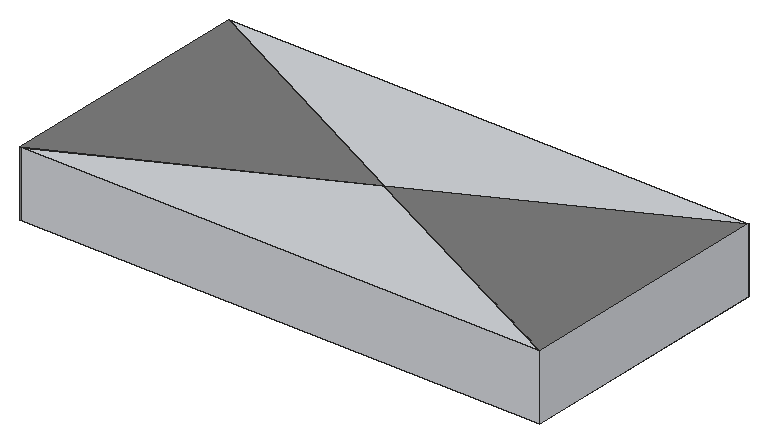
Revit family "電線管用ファミリ(片側のみ)_11", category Electrical Fixtures, Revit 2022
Family settings
  Round Connector Dimension = Use Diameter
  Part Type = Normal
  OmniClass Number = 23.80.00.00
  OmniClass Title = Electric Power and Lighting
  Work Plane-Based = No
  Always vertical = Yes
  Cut with Voids When Loaded = No
  Maintain Annotation Orientation = No
  Shared = No
  Room Calculation Point = No
Parameters
  コネクタ直径 [instance] = 16 mm
  W [instance] = 400 mm
  Default Elevation = 0 mm
  D [instance] = 200 mm
Reference planes
  plane 1 "Center (Front/Back)": y = 0
  plane 2: z = 0
  plane 3 "Center (Left/Right)": x = 0
  plane 4: x = -200
  plane 5: x = 200
  plane 6: y = 100
  plane 7: y = -100
  plane 8: z = 50
Forms (mm)
  Extrusion 1, solid
    sketch origin (0, 0, 0) x (1, 0, 0) y (0, 1, 0)
      loop
        line (-200, 100) -> (-200, -100) -> (200, -100) -> (200, 100) -> (-200, 100)
    from 0 to 50
  Extrusion 2, solid, material "Default Solid Fill"
    sketch origin (0, 0, 0) x (1, 0, 0) y (0, 1, 0)
      loop
        line (-200, 100) -> (-200, -100) -> (0, 0) -> (-200, 100)
    from 0 to 50
  Extrusion 3, solid, material "Default Solid Fill"
    sketch origin (0, 0, 0) x (1, 0, 0) y (0, 1, 0)
      loop
        line (200, 100) -> (0, 0) -> (200, -100) -> (200, 100)
    from 0 to 50
Dimensions and locks
  equal spacing: plane 4, plane 3 "Center (Left/Right)", plane 5
  "W": plane 4 to plane 5
  equal spacing: plane 6, plane 1 "Center (Front/Back)", plane 7
  "D": plane 6 to plane 7
  aligned and locked: level to plane 2
  aligned and locked: plane 8 to Extrusion 1
  aligned and locked: plane 8 to Extrusion 2
  aligned and locked: plane 8 to Extrusion 3
Automatic sketch dimensions
  Extrusion 1 sketch curve to plane 4 = 0 mm
  Extrusion 1 sketch curve to plane 5 = 0 mm
  Extrusion 1 sketch curve to plane 7 = 0 mm
  Extrusion 1 sketch curve to plane 6 = 0 mm
  Extrusion 2 sketch curve to plane 4 = 0 mm
  plane 1 "Center (Front/Back)" to Extrusion 2 sketch curve = 0 mm
  Extrusion 2 sketch curve to plane 3 "Center (Left/Right)" = 0 mm
  Extrusion 2 sketch curve to plane 7 = 0 mm
  Extrusion 2 sketch curve to plane 6 = 0 mm
  plane 1 "Center (Front/Back)" to Extrusion 3 sketch curve = 0 mm
  Extrusion 3 sketch curve to plane 3 "Center (Left/Right)" = 0 mm
  Extrusion 3 sketch curve to plane 5 = 0 mm
  Extrusion 3 sketch curve to plane 7 = 0 mm
  Extrusion 3 sketch curve to plane 6 = 0 mm
Connectors
  cabletrayconduit at (0, 0, 50), diameter 16
    settings: on Extrusion 1, index 1, connector width 300 mm, connector height 300 mm, connector angle 0.00°, system type 32, placement type 0, profile type 0, connector reference index -1, is primary connector yes, connector utility param no, connector description ""
